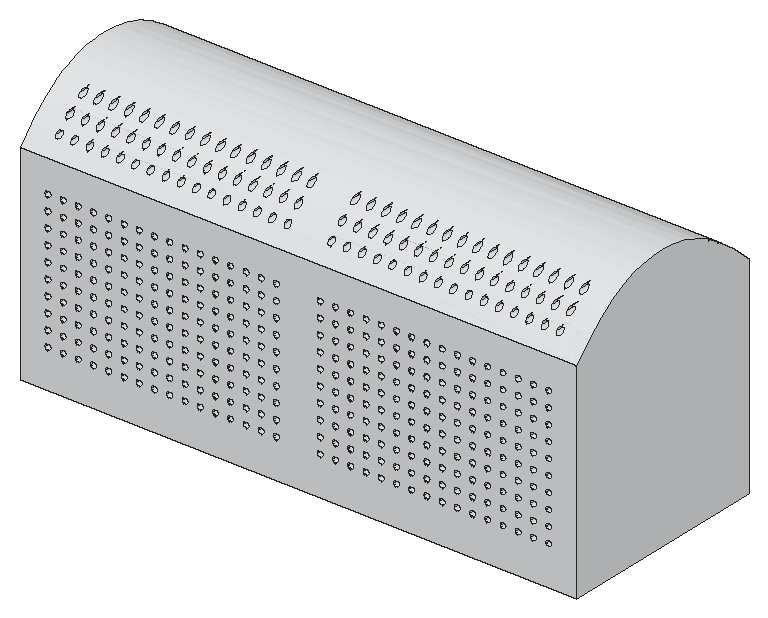
Revit family "DACN0010", category Generic Models, Revit 2017
Family settings
  Can host rebar = No
  Round Connector Dimension = Use Diameter
  Part Type = Normal
  Work Plane-Based = Yes
  Always vertical = Yes
  Cut with Voids When Loaded = No
  Shared = No
  Room Calculation Point = No
Parameters
  Website = "https://dolphy.in/"  # constant formula
  Default Elevation = 1219.2 mm
  Contact number = "+91 9520202035"  # constant formula
  Contact email = "info@dolphy.in"  # constant formula
  Company name = "Dolphy India"  # constant formula
Reference planes
  plane 1 "Center (Front/Back)": y = 0
  plane 2: z = 0
  plane 3 "Center (Left/Right)": x = 0
Forms (mm)
  Extrusion 1, solid, material "Dolphy_CHROME"
    sketch origin (-761.5, 45, 0) x (0, 1, 0) y (0, 0, 1)
      loop
        line (127.559, 0) -> (127.559, 345)
        spline (127.559, 345) -> (90.201, 379.162) -> (56.4, 403.866) -> (25.516, 420.489) -> (-3.092, 430.409) -> (-30.065, 435.002) -> (-56.042, 435.644) -> (-81.652, 433.419) -> (-107.461, 427.643) -> (-134.005, 416.971) -> (-161.824, 400.056) -> (-191.457, 375.552) -> (-223.441, 342.114)
        line (-223.441, 342.114) -> (-223.441, 0) -> (127.559, 0)
    from 304.5 to 1218.5
  Extrusion 2, void
    sketch origin (303, 0, 0) x (1, 0, 0) y (0, 0, 1)
      loop
        circle (-713.993, 289.754) r 5
    from 89.969 to 178.441
  Extrusion 3, void
    sketch origin (328, 0, 0) x (1, 0, 0) y (0, 0, 1)
      loop
        circle (-713.993, 289.754) r 5
    from 89.969 to 178.441
  Extrusion 4, void
    sketch origin (353, 0, 0) x (1, 0, 0) y (0, 0, 1)
      loop
        circle (-713.993, 289.754) r 5
    from 89.969 to 178.441
  Extrusion 5, void
    sketch origin (378, 0, 0) x (1, 0, 0) y (0, 0, 1)
      loop
        circle (-713.993, 289.754) r 5
    from 89.969 to 178.441
  Extrusion 6, void
    sketch origin (403, 0, 0) x (1, 0, 0) y (0, 0, 1)
      loop
        circle (-713.993, 289.754) r 5
    from 89.969 to 178.441
  Extrusion 7, void
    sketch origin (428, 0, 0) x (1, 0, 0) y (0, 0, 1)
      loop
        circle (-713.993, 289.754) r 5
    from 89.969 to 178.441
  Extrusion 8, void
    sketch origin (453, 0, 0) x (1, 0, 0) y (0, 0, 1)
      loop
        circle (-713.993, 289.754) r 5
    from 89.969 to 178.441
  Extrusion 9, void
    sketch origin (478, 0, 0) x (1, 0, 0) y (0, 0, 1)
      loop
        circle (-713.993, 289.754) r 5
    from 89.969 to 178.441
  Extrusion 10, void
    sketch origin (503, 0, 0) x (1, 0, 0) y (0, 0, 1)
      loop
        circle (-713.993, 289.754) r 5
    from 89.969 to 178.441
  Extrusion 11, void
    sketch origin (528, 0, 0) x (1, 0, 0) y (0, 0, 1)
      loop
        circle (-713.993, 289.754) r 5
    from 89.969 to 178.441
  Extrusion 12, void
    sketch origin (553, 0, 0) x (1, 0, 0) y (0, 0, 1)
      loop
        circle (-713.993, 289.754) r 5
    from 89.969 to 178.441
  Extrusion 13, void
    sketch origin (578, 0, 0) x (1, 0, 0) y (0, 0, 1)
      loop
        circle (-713.993, 289.754) r 5
    from 89.969 to 178.441
  Extrusion 14, void
    sketch origin (603, 0, 0) x (1, 0, 0) y (0, 0, 1)
      loop
        circle (-713.993, 289.754) r 5
    from 89.969 to 178.441
  Extrusion 15, void
    sketch origin (628, 0, 0) x (1, 0, 0) y (0, 0, 1)
      loop
        circle (-713.993, 289.754) r 5
    from 89.969 to 178.441
  Extrusion 16, void
    sketch origin (653, 0, 0) x (1, 0, 0) y (0, 0, 1)
      loop
        circle (-713.993, 289.754) r 5
    from 89.969 to 178.441
  Extrusion 17, void
    sketch origin (678, 0, 0) x (1, 0, 0) y (0, 0, 1)
      loop
        circle (-713.993, 289.754) r 5
    from 89.969 to 178.441
  Extrusion 18, void
    sketch origin (303, 0, -25) x (1, 0, 0) y (0, 0, 1)
      loop
        circle (-713.993, 289.754) r 5
    from 89.969 to 178.441
  Extrusion 19, void
    sketch origin (328, 0, -25) x (1, 0, 0) y (0, 0, 1)
      loop
        circle (-713.993, 289.754) r 5
    from 89.969 to 178.441
  Extrusion 20, void
    sketch origin (353, 0, -25) x (1, 0, 0) y (0, 0, 1)
      loop
        circle (-713.993, 289.754) r 5
    from 89.969 to 178.441
  Extrusion 21, void
    sketch origin (378, 0, -25) x (1, 0, 0) y (0, 0, 1)
      loop
        circle (-713.993, 289.754) r 5
    from 89.969 to 178.441
  Extrusion 22, void
    sketch origin (403, 0, -25) x (1, 0, 0) y (0, 0, 1)
      loop
        circle (-713.993, 289.754) r 5
    from 89.969 to 178.441
  Extrusion 23, void
    sketch origin (428, 0, -25) x (1, 0, 0) y (0, 0, 1)
      loop
        circle (-713.993, 289.754) r 5
    from 89.969 to 178.441
  Extrusion 24, void
    sketch origin (453, 0, -25) x (1, 0, 0) y (0, 0, 1)
      loop
        circle (-713.993, 289.754) r 5
    from 89.969 to 178.441
  Extrusion 25, void
    sketch origin (478, 0, -25) x (1, 0, 0) y (0, 0, 1)
      loop
        circle (-713.993, 289.754) r 5
    from 89.969 to 178.441
  Extrusion 26, void
    sketch origin (503, 0, -25) x (1, 0, 0) y (0, 0, 1)
      loop
        circle (-713.993, 289.754) r 5
    from 89.969 to 178.441
  Extrusion 27, void
    sketch origin (528, 0, -25) x (1, 0, 0) y (0, 0, 1)
      loop
        circle (-713.993, 289.754) r 5
    from 89.969 to 178.441
  Extrusion 28, void
    sketch origin (553, 0, -25) x (1, 0, 0) y (0, 0, 1)
      loop
        circle (-713.993, 289.754) r 5
    from 89.969 to 178.441
  Extrusion 29, void
    sketch origin (578, 0, -25) x (1, 0, 0) y (0, 0, 1)
      loop
        circle (-713.993, 289.754) r 5
    from 89.969 to 178.441
  Extrusion 30, void
    sketch origin (603, 0, -25) x (1, 0, 0) y (0, 0, 1)
      loop
        circle (-713.993, 289.754) r 5
    from 89.969 to 178.441
  Extrusion 31, void
    sketch origin (628, 0, -25) x (1, 0, 0) y (0, 0, 1)
      loop
        circle (-713.993, 289.754) r 5
    from 89.969 to 178.441
  Extrusion 32, void, not visible
    sketch origin (0, 0, 0) x (1, 0, 0) y (0, 0, 1)
      loop
        circle (-713.993, 289.754) r 5
    from 89.969 to 178.441
  Extrusion 33, void
    sketch origin (653, 0, -25) x (1, 0, 0) y (0, 0, 1)
      loop
        circle (-713.993, 289.754) r 5
    from 89.969 to 178.441
  Extrusion 34, void
    sketch origin (678, 0, -25) x (1, 0, 0) y (0, 0, 1)
      loop
        circle (-713.993, 289.754) r 5
    from 89.969 to 178.441
  Extrusion 35, void
    sketch origin (303, 0, -50) x (1, 0, 0) y (0, 0, 1)
      loop
        circle (-713.993, 289.754) r 5
    from 89.969 to 178.441
  Extrusion 36, void
    sketch origin (328, 0, -50) x (1, 0, 0) y (0, 0, 1)
      loop
        circle (-713.993, 289.754) r 5
    from 89.969 to 178.441
  Extrusion 37, void
    sketch origin (353, 0, -50) x (1, 0, 0) y (0, 0, 1)
      loop
        circle (-713.993, 289.754) r 5
    from 89.969 to 178.441
  Extrusion 38, void
    sketch origin (378, 0, -50) x (1, 0, 0) y (0, 0, 1)
      loop
        circle (-713.993, 289.754) r 5
    from 89.969 to 178.441
  Extrusion 39, void
    sketch origin (403, 0, -50) x (1, 0, 0) y (0, 0, 1)
      loop
        circle (-713.993, 289.754) r 5
    from 89.969 to 178.441
  Extrusion 40, void
    sketch origin (428, 0, -50) x (1, 0, 0) y (0, 0, 1)
      loop
        circle (-713.993, 289.754) r 5
    from 89.969 to 178.441
  Extrusion 41, void
    sketch origin (453, 0, -50) x (1, 0, 0) y (0, 0, 1)
      loop
        circle (-713.993, 289.754) r 5
    from 89.969 to 178.441
  Extrusion 42, void
    sketch origin (478, 0, -50) x (1, 0, 0) y (0, 0, 1)
      loop
        circle (-713.993, 289.754) r 5
    from 89.969 to 178.441
  Extrusion 43, void
    sketch origin (503, 0, -50) x (1, 0, 0) y (0, 0, 1)
      loop
        circle (-713.993, 289.754) r 5
    from 89.969 to 178.441
  Extrusion 44, void
    sketch origin (528, 0, -50) x (1, 0, 0) y (0, 0, 1)
      loop
        circle (-713.993, 289.754) r 5
    from 89.969 to 178.441
  Extrusion 45, void
    sketch origin (553, 0, -50) x (1, 0, 0) y (0, 0, 1)
      loop
        circle (-713.993, 289.754) r 5
    from 89.969 to 178.441
  Extrusion 46, void
    sketch origin (578, 0, -50) x (1, 0, 0) y (0, 0, 1)
      loop
        circle (-713.993, 289.754) r 5
    from 89.969 to 178.441
  Extrusion 47, void
    sketch origin (603, 0, -50) x (1, 0, 0) y (0, 0, 1)
      loop
        circle (-713.993, 289.754) r 5
    from 89.969 to 178.441
  Extrusion 48, void
    sketch origin (628, 0, -50) x (1, 0, 0) y (0, 0, 1)
      loop
        circle (-713.993, 289.754) r 5
    from 89.969 to 178.441
  Extrusion 49, void
    sketch origin (653, 0, -50) x (1, 0, 0) y (0, 0, 1)
      loop
        circle (-713.993, 289.754) r 5
    from 89.969 to 178.441
  Extrusion 50, void
    sketch origin (678, 0, -50) x (1, 0, 0) y (0, 0, 1)
      loop
        circle (-713.993, 289.754) r 5
    from 89.969 to 178.441
  Extrusion 51, void
    sketch origin (303, 0, -75) x (1, 0, 0) y (0, 0, 1)
      loop
        circle (-713.993, 289.754) r 5
    from 89.969 to 178.441
  Extrusion 52, void
    sketch origin (328, 0, -75) x (1, 0, 0) y (0, 0, 1)
      loop
        circle (-713.993, 289.754) r 5
    from 89.969 to 178.441
  Extrusion 53, void
    sketch origin (353, 0, -75) x (1, 0, 0) y (0, 0, 1)
      loop
        circle (-713.993, 289.754) r 5
    from 89.969 to 178.441
  Extrusion 54, void
    sketch origin (378, 0, -75) x (1, 0, 0) y (0, 0, 1)
      loop
        circle (-713.993, 289.754) r 5
    from 89.969 to 178.441
  Extrusion 55, void
    sketch origin (403, 0, -75) x (1, 0, 0) y (0, 0, 1)
      loop
        circle (-713.993, 289.754) r 5
    from 89.969 to 178.441
  Extrusion 56, void
    sketch origin (428, 0, -75) x (1, 0, 0) y (0, 0, 1)
      loop
        circle (-713.993, 289.754) r 5
    from 89.969 to 178.441
  Extrusion 57, void
    sketch origin (453, 0, -75) x (1, 0, 0) y (0, 0, 1)
      loop
        circle (-713.993, 289.754) r 5
    from 89.969 to 178.441
  Extrusion 58, void
    sketch origin (478, 0, -75) x (1, 0, 0) y (0, 0, 1)
      loop
        circle (-713.993, 289.754) r 5
    from 89.969 to 178.441
  Extrusion 59, void
    sketch origin (503, 0, -75) x (1, 0, 0) y (0, 0, 1)
      loop
        circle (-713.993, 289.754) r 5
    from 89.969 to 178.441
  Extrusion 60, void
    sketch origin (528, 0, -75) x (1, 0, 0) y (0, 0, 1)
      loop
        circle (-713.993, 289.754) r 5
    from 89.969 to 178.441
  Extrusion 61, void
    sketch origin (553, 0, -75) x (1, 0, 0) y (0, 0, 1)
      loop
        circle (-713.993, 289.754) r 5
    from 89.969 to 178.441
  Extrusion 62, void
    sketch origin (578, 0, -75) x (1, 0, 0) y (0, 0, 1)
      loop
        circle (-713.993, 289.754) r 5
    from 89.969 to 178.441
  Extrusion 63, void
    sketch origin (603, 0, -75) x (1, 0, 0) y (0, 0, 1)
      loop
        circle (-713.993, 289.754) r 5
    from 89.969 to 178.441
  Extrusion 64, void
    sketch origin (628, 0, -75) x (1, 0, 0) y (0, 0, 1)
      loop
        circle (-713.993, 289.754) r 5
    from 89.969 to 178.441
  Extrusion 65, void
    sketch origin (653, 0, -75) x (1, 0, 0) y (0, 0, 1)
      loop
        circle (-713.993, 289.754) r 5
    from 89.969 to 178.441
  Extrusion 66, void
    sketch origin (678, 0, -75) x (1, 0, 0) y (0, 0, 1)
      loop
        circle (-713.993, 289.754) r 5
    from 89.969 to 178.441
  Extrusion 67, void
    sketch origin (303, 0, -100) x (1, 0, 0) y (0, 0, 1)
      loop
        circle (-713.993, 289.754) r 5
    from 89.969 to 178.441
  Extrusion 68, void
    sketch origin (328, 0, -100) x (1, 0, 0) y (0, 0, 1)
      loop
        circle (-713.993, 289.754) r 5
    from 89.969 to 178.441
  Extrusion 69, void
    sketch origin (353, 0, -100) x (1, 0, 0) y (0, 0, 1)
      loop
        circle (-713.993, 289.754) r 5
    from 89.969 to 178.441
  Extrusion 70, void
    sketch origin (378, 0, -100) x (1, 0, 0) y (0, 0, 1)
      loop
        circle (-713.993, 289.754) r 5
    from 89.969 to 178.441
  Extrusion 71, void
    sketch origin (403, 0, -100) x (1, 0, 0) y (0, 0, 1)
      loop
        circle (-713.993, 289.754) r 5
    from 89.969 to 178.441
  Extrusion 72, void
    sketch origin (428, 0, -100) x (1, 0, 0) y (0, 0, 1)
      loop
        circle (-713.993, 289.754) r 5
    from 89.969 to 178.441
  Extrusion 73, void
    sketch origin (453, 0, -100) x (1, 0, 0) y (0, 0, 1)
      loop
        circle (-713.993, 289.754) r 5
    from 89.969 to 178.441
  Extrusion 74, void
    sketch origin (478, 0, -100) x (1, 0, 0) y (0, 0, 1)
      loop
        circle (-713.993, 289.754) r 5
    from 89.969 to 178.441
  Extrusion 75, void
    sketch origin (503, 0, -100) x (1, 0, 0) y (0, 0, 1)
      loop
        circle (-713.993, 289.754) r 5
    from 89.969 to 178.441
  Extrusion 76, void
    sketch origin (528, 0, -100) x (1, 0, 0) y (0, 0, 1)
      loop
        circle (-713.993, 289.754) r 5
    from 89.969 to 178.441
  Extrusion 77, void
    sketch origin (553, 0, -100) x (1, 0, 0) y (0, 0, 1)
      loop
        circle (-713.993, 289.754) r 5
    from 89.969 to 178.441
  Extrusion 78, void
    sketch origin (578, 0, -100) x (1, 0, 0) y (0, 0, 1)
      loop
        circle (-713.993, 289.754) r 5
    from 89.969 to 178.441
  Extrusion 79, void
    sketch origin (603, 0, -100) x (1, 0, 0) y (0, 0, 1)
      loop
        circle (-713.993, 289.754) r 5
    from 89.969 to 178.441
  Extrusion 80, void
    sketch origin (628, 0, -100) x (1, 0, 0) y (0, 0, 1)
      loop
        circle (-713.993, 289.754) r 5
    from 89.969 to 178.441
  Extrusion 81, void
    sketch origin (653, 0, -100) x (1, 0, 0) y (0, 0, 1)
      loop
        circle (-713.993, 289.754) r 5
    from 89.969 to 178.441
  Extrusion 82, void
    sketch origin (678, 0, -100) x (1, 0, 0) y (0, 0, 1)
      loop
        circle (-713.993, 289.754) r 5
    from 89.969 to 178.441
  Extrusion 83, void
    sketch origin (303, 0, -125) x (1, 0, 0) y (0, 0, 1)
      loop
        circle (-713.993, 289.754) r 5
    from 89.969 to 178.441
  Extrusion 84, void
    sketch origin (328, 0, -125) x (1, 0, 0) y (0, 0, 1)
      loop
        circle (-713.993, 289.754) r 5
    from 89.969 to 178.441
  Extrusion 85, void
    sketch origin (353, 0, -125) x (1, 0, 0) y (0, 0, 1)
      loop
        circle (-713.993, 289.754) r 5
    from 89.969 to 178.441
  Extrusion 86, void
    sketch origin (378, 0, -125) x (1, 0, 0) y (0, 0, 1)
      loop
        circle (-713.993, 289.754) r 5
    from 89.969 to 178.441
  Extrusion 87, void
    sketch origin (403, 0, -125) x (1, 0, 0) y (0, 0, 1)
      loop
        circle (-713.993, 289.754) r 5
    from 89.969 to 178.441
  Extrusion 88, void
    sketch origin (428, 0, -125) x (1, 0, 0) y (0, 0, 1)
      loop
        circle (-713.993, 289.754) r 5
    from 89.969 to 178.441
  Extrusion 89, void
    sketch origin (453, 0, -125) x (1, 0, 0) y (0, 0, 1)
      loop
        circle (-713.993, 289.754) r 5
    from 89.969 to 178.441
  Extrusion 90, void
    sketch origin (478, 0, -125) x (1, 0, 0) y (0, 0, 1)
      loop
        circle (-713.993, 289.754) r 5
    from 89.969 to 178.441
  Extrusion 91, void
    sketch origin (503, 0, -125) x (1, 0, 0) y (0, 0, 1)
      loop
        circle (-713.993, 289.754) r 5
    from 89.969 to 178.441
  Extrusion 92, void
    sketch origin (528, 0, -125) x (1, 0, 0) y (0, 0, 1)
      loop
        circle (-713.993, 289.754) r 5
    from 89.969 to 178.441
  Extrusion 93, void
    sketch origin (553, 0, -125) x (1, 0, 0) y (0, 0, 1)
      loop
        circle (-713.993, 289.754) r 5
    from 89.969 to 178.441
  Extrusion 94, void
    sketch origin (578, 0, -125) x (1, 0, 0) y (0, 0, 1)
      loop
        circle (-713.993, 289.754) r 5
    from 89.969 to 178.441
  Extrusion 95, void
    sketch origin (603, 0, -125) x (1, 0, 0) y (0, 0, 1)
      loop
        circle (-713.993, 289.754) r 5
    from 89.969 to 178.441
  Extrusion 96, void
    sketch origin (628, 0, -125) x (1, 0, 0) y (0, 0, 1)
      loop
        circle (-713.993, 289.754) r 5
    from 89.969 to 178.441
  Extrusion 97, void
    sketch origin (653, 0, -125) x (1, 0, 0) y (0, 0, 1)
      loop
        circle (-713.993, 289.754) r 5
    from 89.969 to 178.441
  Extrusion 98, void
    sketch origin (678, 0, -125) x (1, 0, 0) y (0, 0, 1)
      loop
        circle (-713.993, 289.754) r 5
    from 89.969 to 178.441
  Extrusion 99, void
    sketch origin (303, 0, -150) x (1, 0, 0) y (0, 0, 1)
      loop
        circle (-713.993, 289.754) r 5
    from 89.969 to 178.441
  Extrusion 100, void
    sketch origin (328, 0, -150) x (1, 0, 0) y (0, 0, 1)
      loop
        circle (-713.993, 289.754) r 5
    from 89.969 to 178.441
  Extrusion 101, void
    sketch origin (353, 0, -150) x (1, 0, 0) y (0, 0, 1)
      loop
        circle (-713.993, 289.754) r 5
    from 89.969 to 178.441
  Extrusion 102, void
    sketch origin (378, 0, -150) x (1, 0, 0) y (0, 0, 1)
      loop
        circle (-713.993, 289.754) r 5
    from 89.969 to 178.441
  Extrusion 103, void
    sketch origin (403, 0, -150) x (1, 0, 0) y (0, 0, 1)
      loop
        circle (-713.993, 289.754) r 5
    from 89.969 to 178.441
  Extrusion 104, void
    sketch origin (428, 0, -150) x (1, 0, 0) y (0, 0, 1)
      loop
        circle (-713.993, 289.754) r 5
    from 89.969 to 178.441
  Extrusion 105, void
    sketch origin (453, 0, -150) x (1, 0, 0) y (0, 0, 1)
      loop
        circle (-713.993, 289.754) r 5
    from 89.969 to 178.441
  Extrusion 106, void
    sketch origin (478, 0, -150) x (1, 0, 0) y (0, 0, 1)
      loop
        circle (-713.993, 289.754) r 5
    from 89.969 to 178.441
  Extrusion 107, void
    sketch origin (503, 0, -150) x (1, 0, 0) y (0, 0, 1)
      loop
        circle (-713.993, 289.754) r 5
    from 89.969 to 178.441
  Extrusion 108, void
    sketch origin (528, 0, -150) x (1, 0, 0) y (0, 0, 1)
      loop
        circle (-713.993, 289.754) r 5
    from 89.969 to 178.441
  Extrusion 109, void
    sketch origin (553, 0, -150) x (1, 0, 0) y (0, 0, 1)
      loop
        circle (-713.993, 289.754) r 5
    from 89.969 to 178.441
  Extrusion 110, void
    sketch origin (578, 0, -150) x (1, 0, 0) y (0, 0, 1)
      loop
        circle (-713.993, 289.754) r 5
    from 89.969 to 178.441
  Extrusion 111, void
    sketch origin (603, 0, -150) x (1, 0, 0) y (0, 0, 1)
      loop
        circle (-713.993, 289.754) r 5
    from 89.969 to 178.441
  Extrusion 112, void
    sketch origin (628, 0, -150) x (1, 0, 0) y (0, 0, 1)
      loop
        circle (-713.993, 289.754) r 5
    from 89.969 to 178.441
  Extrusion 113, void
    sketch origin (653, 0, -150) x (1, 0, 0) y (0, 0, 1)
      loop
        circle (-713.993, 289.754) r 5
    from 89.969 to 178.441
  Extrusion 114, void
    sketch origin (678, 0, -150) x (1, 0, 0) y (0, 0, 1)
      loop
        circle (-713.993, 289.754) r 5
    from 89.969 to 178.441
  Extrusion 115, void
    sketch origin (303, 0, -175) x (1, 0, 0) y (0, 0, 1)
      loop
        circle (-713.993, 289.754) r 5
    from 89.969 to 178.441
  Extrusion 116, void
    sketch origin (328, 0, -175) x (1, 0, 0) y (0, 0, 1)
      loop
        circle (-713.993, 289.754) r 5
    from 89.969 to 178.441
  Extrusion 117, void
    sketch origin (353, 0, -175) x (1, 0, 0) y (0, 0, 1)
      loop
        circle (-713.993, 289.754) r 5
    from 89.969 to 178.441
  Extrusion 118, void
    sketch origin (378, 0, -175) x (1, 0, 0) y (0, 0, 1)
      loop
        circle (-713.993, 289.754) r 5
    from 89.969 to 178.441
  Extrusion 119, void
    sketch origin (403, 0, -175) x (1, 0, 0) y (0, 0, 1)
      loop
        circle (-713.993, 289.754) r 5
    from 89.969 to 178.441
  Extrusion 120, void
    sketch origin (428, 0, -175) x (1, 0, 0) y (0, 0, 1)
      loop
        circle (-713.993, 289.754) r 5
    from 89.969 to 178.441
  Extrusion 121, void
    sketch origin (453, 0, -175) x (1, 0, 0) y (0, 0, 1)
      loop
        circle (-713.993, 289.754) r 5
    from 89.969 to 178.441
  Extrusion 122, void
    sketch origin (478, 0, -175) x (1, 0, 0) y (0, 0, 1)
      loop
        circle (-713.993, 289.754) r 5
    from 89.969 to 178.441
  Extrusion 123, void
    sketch origin (503, 0, -175) x (1, 0, 0) y (0, 0, 1)
      loop
        circle (-713.993, 289.754) r 5
    from 89.969 to 178.441
  Extrusion 124, void
    sketch origin (528, 0, -175) x (1, 0, 0) y (0, 0, 1)
      loop
        circle (-713.993, 289.754) r 5
    from 89.969 to 178.441
  Extrusion 125, void
    sketch origin (553, 0, -175) x (1, 0, 0) y (0, 0, 1)
      loop
        circle (-713.993, 289.754) r 5
    from 89.969 to 178.441
  Extrusion 126, void
    sketch origin (578, 0, -175) x (1, 0, 0) y (0, 0, 1)
      loop
        circle (-713.993, 289.754) r 5
    from 89.969 to 178.441
  Extrusion 127, void
    sketch origin (603, 0, -175) x (1, 0, 0) y (0, 0, 1)
      loop
        circle (-713.993, 289.754) r 5
    from 89.969 to 178.441
  Extrusion 128, void
    sketch origin (628, 0, -175) x (1, 0, 0) y (0, 0, 1)
      loop
        circle (-713.993, 289.754) r 5
    from 89.969 to 178.441
  Extrusion 129, void
    sketch origin (653, 0, -175) x (1, 0, 0) y (0, 0, 1)
      loop
        circle (-713.993, 289.754) r 5
    from 89.969 to 178.441
  Extrusion 130, void
    sketch origin (678, 0, -175) x (1, 0, 0) y (0, 0, 1)
      loop
        circle (-713.993, 289.754) r 5
    from 89.969 to 178.441
  Extrusion 131, void
    sketch origin (303, 0, -200) x (1, 0, 0) y (0, 0, 1)
      loop
        circle (-713.993, 289.754) r 5
    from 89.969 to 178.441
  Extrusion 132, void
    sketch origin (328, 0, -200) x (1, 0, 0) y (0, 0, 1)
      loop
        circle (-713.993, 289.754) r 5
    from 89.969 to 178.441
  Extrusion 133, void
    sketch origin (353, 0, -200) x (1, 0, 0) y (0, 0, 1)
      loop
        circle (-713.993, 289.754) r 5
    from 89.969 to 178.441
  Extrusion 134, void
    sketch origin (378, 0, -200) x (1, 0, 0) y (0, 0, 1)
      loop
        circle (-713.993, 289.754) r 5
    from 89.969 to 178.441
  Extrusion 135, void
    sketch origin (403, 0, -200) x (1, 0, 0) y (0, 0, 1)
      loop
        circle (-713.993, 289.754) r 5
    from 89.969 to 178.441
  Extrusion 136, void
    sketch origin (428, 0, -200) x (1, 0, 0) y (0, 0, 1)
      loop
        circle (-713.993, 289.754) r 5
    from 89.969 to 178.441
  Extrusion 137, void
    sketch origin (453, 0, -200) x (1, 0, 0) y (0, 0, 1)
      loop
        circle (-713.993, 289.754) r 5
    from 89.969 to 178.441
  Extrusion 138, void
    sketch origin (478, 0, -200) x (1, 0, 0) y (0, 0, 1)
      loop
        circle (-713.993, 289.754) r 5
    from 89.969 to 178.441
  Extrusion 139, void
    sketch origin (503, 0, -200) x (1, 0, 0) y (0, 0, 1)
      loop
        circle (-713.993, 289.754) r 5
    from 89.969 to 178.441
  Extrusion 140, void
    sketch origin (528, 0, -200) x (1, 0, 0) y (0, 0, 1)
      loop
        circle (-713.993, 289.754) r 5
    from 89.969 to 178.441
  Extrusion 141, void
    sketch origin (553, 0, -200) x (1, 0, 0) y (0, 0, 1)
      loop
        circle (-713.993, 289.754) r 5
    from 89.969 to 178.441
  Extrusion 142, void
    sketch origin (578, 0, -200) x (1, 0, 0) y (0, 0, 1)
      loop
        circle (-713.993, 289.754) r 5
    from 89.969 to 178.441
  Extrusion 143, void
    sketch origin (603, 0, -200) x (1, 0, 0) y (0, 0, 1)
      loop
        circle (-713.993, 289.754) r 5
    from 89.969 to 178.441
  Extrusion 144, void
    sketch origin (628, 0, -200) x (1, 0, 0) y (0, 0, 1)
      loop
        circle (-713.993, 289.754) r 5
    from 89.969 to 178.441
  Extrusion 145, void
    sketch origin (653, 0, -200) x (1, 0, 0) y (0, 0, 1)
      loop
        circle (-713.993, 289.754) r 5
    from 89.969 to 178.441
  Extrusion 146, void
    sketch origin (678, 0, -200) x (1, 0, 0) y (0, 0, 1)
      loop
        circle (-713.993, 289.754) r 5
    from 89.969 to 178.441
  Extrusion 147, void
    sketch origin (303, 0, -225) x (1, 0, 0) y (0, 0, 1)
      loop
        circle (-713.993, 289.754) r 5
    from 89.969 to 178.441
  Extrusion 148, void
    sketch origin (328, 0, -225) x (1, 0, 0) y (0, 0, 1)
      loop
        circle (-713.993, 289.754) r 5
    from 89.969 to 178.441
  Extrusion 149, void
    sketch origin (353, 0, -225) x (1, 0, 0) y (0, 0, 1)
      loop
        circle (-713.993, 289.754) r 5
    from 89.969 to 178.441
  Extrusion 150, void
    sketch origin (378, 0, -225) x (1, 0, 0) y (0, 0, 1)
      loop
        circle (-713.993, 289.754) r 5
    from 89.969 to 178.441
  Extrusion 151, void
    sketch origin (403, 0, -225) x (1, 0, 0) y (0, 0, 1)
      loop
        circle (-713.993, 289.754) r 5
    from 89.969 to 178.441
  Extrusion 152, void
    sketch origin (428, 0, -225) x (1, 0, 0) y (0, 0, 1)
      loop
        circle (-713.993, 289.754) r 5
    from 89.969 to 178.441
  Extrusion 153, void
    sketch origin (453, 0, -225) x (1, 0, 0) y (0, 0, 1)
      loop
        circle (-713.993, 289.754) r 5
    from 89.969 to 178.441
  Extrusion 154, void
    sketch origin (478, 0, -225) x (1, 0, 0) y (0, 0, 1)
      loop
        circle (-713.993, 289.754) r 5
    from 89.969 to 178.441
  Extrusion 155, void
    sketch origin (503, 0, -225) x (1, 0, 0) y (0, 0, 1)
      loop
        circle (-713.993, 289.754) r 5
    from 89.969 to 178.441
  Extrusion 156, void
    sketch origin (528, 0, -225) x (1, 0, 0) y (0, 0, 1)
      loop
        circle (-713.993, 289.754) r 5
    from 89.969 to 178.441
  Extrusion 157, void
    sketch origin (553, 0, -225) x (1, 0, 0) y (0, 0, 1)
      loop
        circle (-713.993, 289.754) r 5
    from 89.969 to 178.441
  Extrusion 158, void
    sketch origin (578, 0, -225) x (1, 0, 0) y (0, 0, 1)
      loop
        circle (-713.993, 289.754) r 5
    from 89.969 to 178.441
  Extrusion 159, void
    sketch origin (603, 0, -225) x (1, 0, 0) y (0, 0, 1)
      loop
        circle (-713.993, 289.754) r 5
    from 89.969 to 178.441
  Extrusion 160, void
    sketch origin (628, 0, -225) x (1, 0, 0) y (0, 0, 1)
      loop
        circle (-713.993, 289.754) r 5
    from 89.969 to 178.441
  Extrusion 161, void
    sketch origin (653, 0, -225) x (1, 0, 0) y (0, 0, 1)
      loop
        circle (-713.993, 289.754) r 5
    from 89.969 to 178.441
  Extrusion 162, void
    sketch origin (678, 0, -225) x (1, 0, 0) y (0, 0, 1)
      loop
        circle (-713.993, 289.754) r 5
    from 89.969 to 178.441
  Extrusion 163, void
    sketch origin (750, 0, 0) x (1, 0, 0) y (0, 0, 1)
      loop
        circle (-713.993, 289.754) r 5
    from 89.969 to 178.441
  Extrusion 164, void
    sketch origin (775, 0, 0) x (1, 0, 0) y (0, 0, 1)
      loop
        circle (-713.993, 289.754) r 5
    from 89.969 to 178.441
  Extrusion 165, void
    sketch origin (800, 0, 0) x (1, 0, 0) y (0, 0, 1)
      loop
        circle (-713.993, 289.754) r 5
    from 89.969 to 178.441
  Extrusion 166, void
    sketch origin (825, 0, 0) x (1, 0, 0) y (0, 0, 1)
      loop
        circle (-713.993, 289.754) r 5
    from 89.969 to 178.441
  Extrusion 167, void
    sketch origin (850, 0, 0) x (1, 0, 0) y (0, 0, 1)
      loop
        circle (-713.993, 289.754) r 5
    from 89.969 to 178.441
  Extrusion 168, void
    sketch origin (875, 0, 0) x (1, 0, 0) y (0, 0, 1)
      loop
        circle (-713.993, 289.754) r 5
    from 89.969 to 178.441
  Extrusion 169, void
    sketch origin (900, 0, 0) x (1, 0, 0) y (0, 0, 1)
      loop
        circle (-713.993, 289.754) r 5
    from 89.969 to 178.441
  Extrusion 170, void
    sketch origin (925, 0, 0) x (1, 0, 0) y (0, 0, 1)
      loop
        circle (-713.993, 289.754) r 5
    from 89.969 to 178.441
  Extrusion 171, void
    sketch origin (950, 0, 0) x (1, 0, 0) y (0, 0, 1)
      loop
        circle (-713.993, 289.754) r 5
    from 89.969 to 178.441
  Extrusion 172, void
    sketch origin (975, 0, 0) x (1, 0, 0) y (0, 0, 1)
      loop
        circle (-713.993, 289.754) r 5
    from 89.969 to 178.441
  Extrusion 173, void
    sketch origin (1000, 0, 0) x (1, 0, 0) y (0, 0, 1)
      loop
        circle (-713.993, 289.754) r 5
    from 89.969 to 178.441
  Extrusion 174, void
    sketch origin (1025, 0, 0) x (1, 0, 0) y (0, 0, 1)
      loop
        circle (-713.993, 289.754) r 5
    from 89.969 to 178.441
  Extrusion 175, void
    sketch origin (1050, 0, 0) x (1, 0, 0) y (0, 0, 1)
      loop
        circle (-713.993, 289.754) r 5
    from 89.969 to 178.441
  Extrusion 176, void
    sketch origin (1075, 0, 0) x (1, 0, 0) y (0, 0, 1)
      loop
        circle (-713.993, 289.754) r 5
    from 89.969 to 178.441
  Extrusion 177, void
    sketch origin (1100, 0, 0) x (1, 0, 0) y (0, 0, 1)
      loop
        circle (-713.993, 289.754) r 5
    from 89.969 to 178.441
  Extrusion 178, void
    sketch origin (1125, 0, 0) x (1, 0, 0) y (0, 0, 1)
      loop
        circle (-713.993, 289.754) r 5
    from 89.969 to 178.441
  Extrusion 179, void
    sketch origin (750, 0, -25) x (1, 0, 0) y (0, 0, 1)
      loop
        circle (-713.993, 289.754) r 5
    from 89.969 to 178.441
  Extrusion 180, void
    sketch origin (750, 0, -50) x (1, 0, 0) y (0, 0, 1)
      loop
        circle (-713.993, 289.754) r 5
    from 89.969 to 178.441
  Extrusion 181, void
    sketch origin (750, 0, -75) x (1, 0, 0) y (0, 0, 1)
      loop
        circle (-713.993, 289.754) r 5
    from 89.969 to 178.441
  Extrusion 182, void
    sketch origin (750, 0, -100) x (1, 0, 0) y (0, 0, 1)
      loop
        circle (-713.993, 289.754) r 5
    from 89.969 to 178.441
  Extrusion 183, void
    sketch origin (750, 0, -125) x (1, 0, 0) y (0, 0, 1)
      loop
        circle (-713.993, 289.754) r 5
    from 89.969 to 178.441
  Extrusion 184, void
    sketch origin (750, 0, -150) x (1, 0, 0) y (0, 0, 1)
      loop
        circle (-713.993, 289.754) r 5
    from 89.969 to 178.441
  Extrusion 185, void
    sketch origin (750, 0, -175) x (1, 0, 0) y (0, 0, 1)
      loop
        circle (-713.993, 289.754) r 5
    from 89.969 to 178.441
  Extrusion 186, void
    sketch origin (750, 0, -200) x (1, 0, 0) y (0, 0, 1)
      loop
        circle (-713.993, 289.754) r 5
    from 89.969 to 178.441
  Extrusion 187, void
    sketch origin (750, 0, -225) x (1, 0, 0) y (0, 0, 1)
      loop
        circle (-713.993, 289.754) r 5
    from 89.969 to 178.441
  Extrusion 188, void
    sketch origin (775, 0, -25) x (1, 0, 0) y (0, 0, 1)
      loop
        circle (-713.993, 289.754) r 5
    from 89.969 to 178.441
  Extrusion 189, void
    sketch origin (800, 0, -25) x (1, 0, 0) y (0, 0, 1)
      loop
        circle (-713.993, 289.754) r 5
    from 89.969 to 178.441
  Extrusion 190, void
    sketch origin (825, 0, -25) x (1, 0, 0) y (0, 0, 1)
      loop
        circle (-713.993, 289.754) r 5
    from 89.969 to 178.441
  Extrusion 191, void
    sketch origin (850, 0, -25) x (1, 0, 0) y (0, 0, 1)
      loop
        circle (-713.993, 289.754) r 5
    from 89.969 to 178.441
  Extrusion 192, void
    sketch origin (875, 0, -25) x (1, 0, 0) y (0, 0, 1)
      loop
        circle (-713.993, 289.754) r 5
    from 89.969 to 178.441
  Extrusion 193, void
    sketch origin (900, 0, -25) x (1, 0, 0) y (0, 0, 1)
      loop
        circle (-713.993, 289.754) r 5
    from 89.969 to 178.441
  Extrusion 194, void
    sketch origin (925, 0, -25) x (1, 0, 0) y (0, 0, 1)
      loop
        circle (-713.993, 289.754) r 5
    from 89.969 to 178.441
  Extrusion 195, void
    sketch origin (950, 0, -25) x (1, 0, 0) y (0, 0, 1)
      loop
        circle (-713.993, 289.754) r 5
    from 89.969 to 178.441
  Extrusion 196, void
    sketch origin (975, 0, -25) x (1, 0, 0) y (0, 0, 1)
      loop
        circle (-713.993, 289.754) r 5
    from 89.969 to 178.441
  Extrusion 197, void
    sketch origin (1000, 0, -25) x (1, 0, 0) y (0, 0, 1)
      loop
        circle (-713.993, 289.754) r 5
    from 89.969 to 178.441
  Extrusion 198, void
    sketch origin (1025, 0, -25) x (1, 0, 0) y (0, 0, 1)
      loop
        circle (-713.993, 289.754) r 5
    from 89.969 to 178.441
  Extrusion 199, void
    sketch origin (1050, 0, -25) x (1, 0, 0) y (0, 0, 1)
      loop
        circle (-713.993, 289.754) r 5
    from 89.969 to 178.441
  Extrusion 200, void
    sketch origin (1075, 0, -25) x (1, 0, 0) y (0, 0, 1)
      loop
        circle (-713.993, 289.754) r 5
    from 89.969 to 178.441
  Extrusion 201, void
    sketch origin (1100, 0, -25) x (1, 0, 0) y (0, 0, 1)
      loop
        circle (-713.993, 289.754) r 5
    from 89.969 to 178.441
  Extrusion 202, void
    sketch origin (1125, 0, -25) x (1, 0, 0) y (0, 0, 1)
      loop
        circle (-713.993, 289.754) r 5
    from 89.969 to 178.441
  Extrusion 203, void
    sketch origin (775, 0, -50) x (1, 0, 0) y (0, 0, 1)
      loop
        circle (-713.993, 289.754) r 5
    from 89.969 to 178.441
  Extrusion 204, void
    sketch origin (800, 0, -50) x (1, 0, 0) y (0, 0, 1)
      loop
        circle (-713.993, 289.754) r 5
    from 89.969 to 178.441
  Extrusion 205, void
    sketch origin (825, 0, -50) x (1, 0, 0) y (0, 0, 1)
      loop
        circle (-713.993, 289.754) r 5
    from 89.969 to 178.441
  Extrusion 206, void
    sketch origin (850, 0, -50) x (1, 0, 0) y (0, 0, 1)
      loop
        circle (-713.993, 289.754) r 5
    from 89.969 to 178.441
  Extrusion 207, void
    sketch origin (875, 0, -50) x (1, 0, 0) y (0, 0, 1)
      loop
        circle (-713.993, 289.754) r 5
    from 89.969 to 178.441
  Extrusion 208, void
    sketch origin (900, 0, -50) x (1, 0, 0) y (0, 0, 1)
      loop
        circle (-713.993, 289.754) r 5
    from 89.969 to 178.441
  Extrusion 209, void
    sketch origin (925, 0, -50) x (1, 0, 0) y (0, 0, 1)
      loop
        circle (-713.993, 289.754) r 5
    from 89.969 to 178.441
  Extrusion 210, void
    sketch origin (950, 0, -50) x (1, 0, 0) y (0, 0, 1)
      loop
        circle (-713.993, 289.754) r 5
    from 89.969 to 178.441
  Extrusion 211, void
    sketch origin (975, 0, -50) x (1, 0, 0) y (0, 0, 1)
      loop
        circle (-713.993, 289.754) r 5
    from 89.969 to 178.441
  Extrusion 212, void
    sketch origin (1000, 0, -50) x (1, 0, 0) y (0, 0, 1)
      loop
        circle (-713.993, 289.754) r 5
    from 89.969 to 178.441
  Extrusion 213, void
    sketch origin (1025, 0, -50) x (1, 0, 0) y (0, 0, 1)
      loop
        circle (-713.993, 289.754) r 5
    from 89.969 to 178.441
  Extrusion 214, void
    sketch origin (1050, 0, -50) x (1, 0, 0) y (0, 0, 1)
      loop
        circle (-713.993, 289.754) r 5
    from 89.969 to 178.441
  Extrusion 215, void
    sketch origin (1075, 0, -50) x (1, 0, 0) y (0, 0, 1)
      loop
        circle (-713.993, 289.754) r 5
    from 89.969 to 178.441
  Extrusion 216, void
    sketch origin (1100, 0, -50) x (1, 0, 0) y (0, 0, 1)
      loop
        circle (-713.993, 289.754) r 5
    from 89.969 to 178.441
  Extrusion 217, void
    sketch origin (1125, 0, -50) x (1, 0, 0) y (0, 0, 1)
      loop
        circle (-713.993, 289.754) r 5
    from 89.969 to 178.441
  Extrusion 218, void
    sketch origin (775, 0, -75) x (1, 0, 0) y (0, 0, 1)
      loop
        circle (-713.993, 289.754) r 5
    from 89.969 to 178.441
  Extrusion 219, void
    sketch origin (800, 0, -75) x (1, 0, 0) y (0, 0, 1)
      loop
        circle (-713.993, 289.754) r 5
    from 89.969 to 178.441
  Extrusion 220, void
    sketch origin (825, 0, -75) x (1, 0, 0) y (0, 0, 1)
      loop
        circle (-713.993, 289.754) r 5
    from 89.969 to 178.441
  Extrusion 221, void
    sketch origin (850, 0, -75) x (1, 0, 0) y (0, 0, 1)
      loop
        circle (-713.993, 289.754) r 5
    from 89.969 to 178.441
  Extrusion 222, void
    sketch origin (875, 0, -75) x (1, 0, 0) y (0, 0, 1)
      loop
        circle (-713.993, 289.754) r 5
    from 89.969 to 178.441
  Extrusion 223, void
    sketch origin (900, 0, -75) x (1, 0, 0) y (0, 0, 1)
      loop
        circle (-713.993, 289.754) r 5
    from 89.969 to 178.441
  Extrusion 224, void
    sketch origin (925, 0, -75) x (1, 0, 0) y (0, 0, 1)
      loop
        circle (-713.993, 289.754) r 5
    from 89.969 to 178.441
  Extrusion 225, void
    sketch origin (950, 0, -75) x (1, 0, 0) y (0, 0, 1)
      loop
        circle (-713.993, 289.754) r 5
    from 89.969 to 178.441
  Extrusion 226, void
    sketch origin (975, 0, -75) x (1, 0, 0) y (0, 0, 1)
      loop
        circle (-713.993, 289.754) r 5
    from 89.969 to 178.441
  Extrusion 227, void
    sketch origin (1000, 0, -75) x (1, 0, 0) y (0, 0, 1)
      loop
        circle (-713.993, 289.754) r 5
    from 89.969 to 178.441
  Extrusion 228, void
    sketch origin (1025, 0, -75) x (1, 0, 0) y (0, 0, 1)
      loop
        circle (-713.993, 289.754) r 5
    from 89.969 to 178.441
  Extrusion 229, void
    sketch origin (1050, 0, -75) x (1, 0, 0) y (0, 0, 1)
      loop
        circle (-713.993, 289.754) r 5
    from 89.969 to 178.441
  Extrusion 230, void
    sketch origin (1075, 0, -75) x (1, 0, 0) y (0, 0, 1)
      loop
        circle (-713.993, 289.754) r 5
    from 89.969 to 178.441
  Extrusion 231, void
    sketch origin (1100, 0, -75) x (1, 0, 0) y (0, 0, 1)
      loop
        circle (-713.993, 289.754) r 5
    from 89.969 to 178.441
  Extrusion 232, void
    sketch origin (1125, 0, -75) x (1, 0, 0) y (0, 0, 1)
      loop
        circle (-713.993, 289.754) r 5
    from 89.969 to 178.441
  Extrusion 233, void
    sketch origin (775, 0, -100) x (1, 0, 0) y (0, 0, 1)
      loop
        circle (-713.993, 289.754) r 5
    from 89.969 to 178.441
  Extrusion 234, void
    sketch origin (800, 0, -100) x (1, 0, 0) y (0, 0, 1)
      loop
        circle (-713.993, 289.754) r 5
    from 89.969 to 178.441
  Extrusion 235, void
    sketch origin (825, 0, -100) x (1, 0, 0) y (0, 0, 1)
      loop
        circle (-713.993, 289.754) r 5
    from 89.969 to 178.441
  Extrusion 236, void
    sketch origin (850, 0, -100) x (1, 0, 0) y (0, 0, 1)
      loop
        circle (-713.993, 289.754) r 5
    from 89.969 to 178.441
  Extrusion 237, void
    sketch origin (875, 0, -100) x (1, 0, 0) y (0, 0, 1)
      loop
        circle (-713.993, 289.754) r 5
    from 89.969 to 178.441
  Extrusion 238, void
    sketch origin (900, 0, -100) x (1, 0, 0) y (0, 0, 1)
      loop
        circle (-713.993, 289.754) r 5
    from 89.969 to 178.441
  Extrusion 239, void
    sketch origin (925, 0, -100) x (1, 0, 0) y (0, 0, 1)
      loop
        circle (-713.993, 289.754) r 5
    from 89.969 to 178.441
  Extrusion 240, void
    sketch origin (950, 0, -100) x (1, 0, 0) y (0, 0, 1)
      loop
        circle (-713.993, 289.754) r 5
    from 89.969 to 178.441
  Extrusion 241, void
    sketch origin (975, 0, -100) x (1, 0, 0) y (0, 0, 1)
      loop
        circle (-713.993, 289.754) r 5
    from 89.969 to 178.441
  Extrusion 242, void
    sketch origin (1000, 0, -100) x (1, 0, 0) y (0, 0, 1)
      loop
        circle (-713.993, 289.754) r 5
    from 89.969 to 178.441
  Extrusion 243, void
    sketch origin (1025, 0, -100) x (1, 0, 0) y (0, 0, 1)
      loop
        circle (-713.993, 289.754) r 5
    from 89.969 to 178.441
  Extrusion 244, void
    sketch origin (1050, 0, -100) x (1, 0, 0) y (0, 0, 1)
      loop
        circle (-713.993, 289.754) r 5
    from 89.969 to 178.441
  Extrusion 245, void
    sketch origin (1075, 0, -100) x (1, 0, 0) y (0, 0, 1)
      loop
        circle (-713.993, 289.754) r 5
    from 89.969 to 178.441
  Extrusion 246, void
    sketch origin (1100, 0, -100) x (1, 0, 0) y (0, 0, 1)
      loop
        circle (-713.993, 289.754) r 5
    from 89.969 to 178.441
  Extrusion 247, void
    sketch origin (1125, 0, -100) x (1, 0, 0) y (0, 0, 1)
      loop
        circle (-713.993, 289.754) r 5
    from 89.969 to 178.441
  Extrusion 248, void
    sketch origin (775, 0, -125) x (1, 0, 0) y (0, 0, 1)
      loop
        circle (-713.993, 289.754) r 5
    from 89.969 to 178.441
  Extrusion 249, void
    sketch origin (800, 0, -125) x (1, 0, 0) y (0, 0, 1)
      loop
        circle (-713.993, 289.754) r 5
    from 89.969 to 178.441
  Extrusion 250, void
    sketch origin (825, 0, -125) x (1, 0, 0) y (0, 0, 1)
      loop
        circle (-713.993, 289.754) r 5
    from 89.969 to 178.441
  Extrusion 251, void
    sketch origin (850, 0, -125) x (1, 0, 0) y (0, 0, 1)
      loop
        circle (-713.993, 289.754) r 5
    from 89.969 to 178.441
  Extrusion 252, void
    sketch origin (875, 0, -125) x (1, 0, 0) y (0, 0, 1)
      loop
        circle (-713.993, 289.754) r 5
    from 89.969 to 178.441
  Extrusion 253, void
    sketch origin (900, 0, -125) x (1, 0, 0) y (0, 0, 1)
      loop
        circle (-713.993, 289.754) r 5
    from 89.969 to 178.441
  Extrusion 254, void
    sketch origin (925, 0, -125) x (1, 0, 0) y (0, 0, 1)
      loop
        circle (-713.993, 289.754) r 5
    from 89.969 to 178.441
  Extrusion 255, void
    sketch origin (950, 0, -125) x (1, 0, 0) y (0, 0, 1)
      loop
        circle (-713.993, 289.754) r 5
    from 89.969 to 178.441
  Extrusion 256, void
    sketch origin (975, 0, -125) x (1, 0, 0) y (0, 0, 1)
      loop
        circle (-713.993, 289.754) r 5
    from 89.969 to 178.441
  Extrusion 257, void
    sketch origin (1000, 0, -125) x (1, 0, 0) y (0, 0, 1)
      loop
        circle (-713.993, 289.754) r 5
    from 89.969 to 178.441
  Extrusion 258, void
    sketch origin (1025, 0, -125) x (1, 0, 0) y (0, 0, 1)
      loop
        circle (-713.993, 289.754) r 5
    from 89.969 to 178.441
  Extrusion 259, void
    sketch origin (1050, 0, -125) x (1, 0, 0) y (0, 0, 1)
      loop
        circle (-713.993, 289.754) r 5
    from 89.969 to 178.441
  Extrusion 260, void
    sketch origin (1075, 0, -125) x (1, 0, 0) y (0, 0, 1)
      loop
        circle (-713.993, 289.754) r 5
    from 89.969 to 178.441
  Extrusion 261, void
    sketch origin (1100, 0, -125) x (1, 0, 0) y (0, 0, 1)
      loop
        circle (-713.993, 289.754) r 5
    from 89.969 to 178.441
  Extrusion 262, void
    sketch origin (1125, 0, -125) x (1, 0, 0) y (0, 0, 1)
      loop
        circle (-713.993, 289.754) r 5
    from 89.969 to 178.441
  Extrusion 263, void
    sketch origin (775, 0, -150) x (1, 0, 0) y (0, 0, 1)
      loop
        circle (-713.993, 289.754) r 5
    from 89.969 to 178.441
  Extrusion 264, void
    sketch origin (800, 0, -150) x (1, 0, 0) y (0, 0, 1)
      loop
        circle (-713.993, 289.754) r 5
    from 89.969 to 178.441
  Extrusion 265, void
    sketch origin (825, 0, -150) x (1, 0, 0) y (0, 0, 1)
      loop
        circle (-713.993, 289.754) r 5
    from 89.969 to 178.441
  Extrusion 266, void
    sketch origin (850, 0, -150) x (1, 0, 0) y (0, 0, 1)
      loop
        circle (-713.993, 289.754) r 5
    from 89.969 to 178.441
  Extrusion 267, void
    sketch origin (875, 0, -150) x (1, 0, 0) y (0, 0, 1)
      loop
        circle (-713.993, 289.754) r 5
    from 89.969 to 178.441
  Extrusion 268, void
    sketch origin (900, 0, -150) x (1, 0, 0) y (0, 0, 1)
      loop
        circle (-713.993, 289.754) r 5
    from 89.969 to 178.441
  Extrusion 269, void
    sketch origin (925, 0, -150) x (1, 0, 0) y (0, 0, 1)
      loop
        circle (-713.993, 289.754) r 5
    from 89.969 to 178.441
  Extrusion 270, void
    sketch origin (950, 0, -150) x (1, 0, 0) y (0, 0, 1)
      loop
        circle (-713.993, 289.754) r 5
    from 89.969 to 178.441
  Extrusion 271, void
    sketch origin (975, 0, -150) x (1, 0, 0) y (0, 0, 1)
      loop
        circle (-713.993, 289.754) r 5
    from 89.969 to 178.441
  Extrusion 272, void
    sketch origin (1000, 0, -150) x (1, 0, 0) y (0, 0, 1)
      loop
        circle (-713.993, 289.754) r 5
    from 89.969 to 178.441
  Extrusion 273, void
    sketch origin (1025, 0, -150) x (1, 0, 0) y (0, 0, 1)
      loop
        circle (-713.993, 289.754) r 5
    from 89.969 to 178.441
  Extrusion 274, void
    sketch origin (1050, 0, -150) x (1, 0, 0) y (0, 0, 1)
      loop
        circle (-713.993, 289.754) r 5
    from 89.969 to 178.441
  Extrusion 275, void
    sketch origin (1075, 0, -150) x (1, 0, 0) y (0, 0, 1)
      loop
        circle (-713.993, 289.754) r 5
    from 89.969 to 178.441
  Extrusion 276, void
    sketch origin (1100, 0, -150) x (1, 0, 0) y (0, 0, 1)
      loop
        circle (-713.993, 289.754) r 5
    from 89.969 to 178.441
  Extrusion 277, void
    sketch origin (1125, 0, -150) x (1, 0, 0) y (0, 0, 1)
      loop
        circle (-713.993, 289.754) r 5
    from 89.969 to 178.441
  Extrusion 278, void
    sketch origin (775, 0, -175) x (1, 0, 0) y (0, 0, 1)
      loop
        circle (-713.993, 289.754) r 5
    from 89.969 to 178.441
  Extrusion 279, void
    sketch origin (800, 0, -175) x (1, 0, 0) y (0, 0, 1)
      loop
        circle (-713.993, 289.754) r 5
    from 89.969 to 178.441
  Extrusion 280, void
    sketch origin (825, 0, -175) x (1, 0, 0) y (0, 0, 1)
      loop
        circle (-713.993, 289.754) r 5
    from 89.969 to 178.441
  Extrusion 281, void
    sketch origin (850, 0, -175) x (1, 0, 0) y (0, 0, 1)
      loop
        circle (-713.993, 289.754) r 5
    from 89.969 to 178.441
  Extrusion 282, void
    sketch origin (875, 0, -175) x (1, 0, 0) y (0, 0, 1)
      loop
        circle (-713.993, 289.754) r 5
    from 89.969 to 178.441
  Extrusion 283, void
    sketch origin (900, 0, -175) x (1, 0, 0) y (0, 0, 1)
      loop
        circle (-713.993, 289.754) r 5
    from 89.969 to 178.441
  Extrusion 284, void
    sketch origin (925, 0, -175) x (1, 0, 0) y (0, 0, 1)
      loop
        circle (-713.993, 289.754) r 5
    from 89.969 to 178.441
  Extrusion 285, void
    sketch origin (950, 0, -175) x (1, 0, 0) y (0, 0, 1)
      loop
        circle (-713.993, 289.754) r 5
    from 89.969 to 178.441
  Extrusion 286, void
    sketch origin (975, 0, -175) x (1, 0, 0) y (0, 0, 1)
      loop
        circle (-713.993, 289.754) r 5
    from 89.969 to 178.441
  Extrusion 287, void
    sketch origin (1000, 0, -175) x (1, 0, 0) y (0, 0, 1)
      loop
        circle (-713.993, 289.754) r 5
    from 89.969 to 178.441
  Extrusion 288, void
    sketch origin (1025, 0, -175) x (1, 0, 0) y (0, 0, 1)
      loop
        circle (-713.993, 289.754) r 5
    from 89.969 to 178.441
  Extrusion 289, void
    sketch origin (1050, 0, -175) x (1, 0, 0) y (0, 0, 1)
      loop
        circle (-713.993, 289.754) r 5
    from 89.969 to 178.441
  Extrusion 290, void
    sketch origin (1075, 0, -175) x (1, 0, 0) y (0, 0, 1)
      loop
        circle (-713.993, 289.754) r 5
    from 89.969 to 178.441
  Extrusion 291, void
    sketch origin (1100, 0, -175) x (1, 0, 0) y (0, 0, 1)
      loop
        circle (-713.993, 289.754) r 5
    from 89.969 to 178.441
  Extrusion 292, void
    sketch origin (1125, 0, -175) x (1, 0, 0) y (0, 0, 1)
      loop
        circle (-713.993, 289.754) r 5
    from 89.969 to 178.441
  Extrusion 293, void
    sketch origin (775, 0, -200) x (1, 0, 0) y (0, 0, 1)
      loop
        circle (-713.993, 289.754) r 5
    from 89.969 to 178.441
  Extrusion 294, void
    sketch origin (800, 0, -200) x (1, 0, 0) y (0, 0, 1)
      loop
        circle (-713.993, 289.754) r 5
    from 89.969 to 178.441
  Extrusion 295, void
    sketch origin (825, 0, -200) x (1, 0, 0) y (0, 0, 1)
      loop
        circle (-713.993, 289.754) r 5
    from 89.969 to 178.441
  Extrusion 296, void
    sketch origin (850, 0, -200) x (1, 0, 0) y (0, 0, 1)
      loop
        circle (-713.993, 289.754) r 5
    from 89.969 to 178.441
  Extrusion 297, void
    sketch origin (875, 0, -200) x (1, 0, 0) y (0, 0, 1)
      loop
        circle (-713.993, 289.754) r 5
    from 89.969 to 178.441
  Extrusion 298, void
    sketch origin (900, 0, -200) x (1, 0, 0) y (0, 0, 1)
      loop
        circle (-713.993, 289.754) r 5
    from 89.969 to 178.441
  Extrusion 299, void
    sketch origin (925, 0, -200) x (1, 0, 0) y (0, 0, 1)
      loop
        circle (-713.993, 289.754) r 5
    from 89.969 to 178.441
  Extrusion 300, void
    sketch origin (950, 0, -200) x (1, 0, 0) y (0, 0, 1)
      loop
        circle (-713.993, 289.754) r 5
    from 89.969 to 178.441
  Extrusion 301, void
    sketch origin (975, 0, -200) x (1, 0, 0) y (0, 0, 1)
      loop
        circle (-713.993, 289.754) r 5
    from 89.969 to 178.441
  Extrusion 302, void
    sketch origin (1000, 0, -200) x (1, 0, 0) y (0, 0, 1)
      loop
        circle (-713.993, 289.754) r 5
    from 89.969 to 178.441
  Extrusion 303, void
    sketch origin (1025, 0, -200) x (1, 0, 0) y (0, 0, 1)
      loop
        circle (-713.993, 289.754) r 5
    from 89.969 to 178.441
  Extrusion 304, void
    sketch origin (1050, 0, -200) x (1, 0, 0) y (0, 0, 1)
      loop
        circle (-713.993, 289.754) r 5
    from 89.969 to 178.441
  Extrusion 305, void
    sketch origin (1075, 0, -200) x (1, 0, 0) y (0, 0, 1)
      loop
        circle (-713.993, 289.754) r 5
    from 89.969 to 178.441
  Extrusion 306, void
    sketch origin (1100, 0, -200) x (1, 0, 0) y (0, 0, 1)
      loop
        circle (-713.993, 289.754) r 5
    from 89.969 to 178.441
  Extrusion 307, void
    sketch origin (1125, 0, -200) x (1, 0, 0) y (0, 0, 1)
      loop
        circle (-713.993, 289.754) r 5
    from 89.969 to 178.441
  Extrusion 308, void
    sketch origin (775, 0, -225) x (1, 0, 0) y (0, 0, 1)
      loop
        circle (-713.993, 289.754) r 5
    from 89.969 to 178.441
  Extrusion 309, void
    sketch origin (800, 0, -225) x (1, 0, 0) y (0, 0, 1)
      loop
        circle (-713.993, 289.754) r 5
    from 89.969 to 178.441
  Extrusion 310, void
    sketch origin (825, 0, -225) x (1, 0, 0) y (0, 0, 1)
      loop
        circle (-713.993, 289.754) r 5
    from 89.969 to 178.441
  Extrusion 311, void
    sketch origin (850, 0, -225) x (1, 0, 0) y (0, 0, 1)
      loop
        circle (-713.993, 289.754) r 5
    from 89.969 to 178.441
  Extrusion 312, void
    sketch origin (875, 0, -225) x (1, 0, 0) y (0, 0, 1)
      loop
        circle (-713.993, 289.754) r 5
    from 89.969 to 178.441
  Extrusion 313, void
    sketch origin (900, 0, -225) x (1, 0, 0) y (0, 0, 1)
      loop
        circle (-713.993, 289.754) r 5
    from 89.969 to 178.441
  Extrusion 314, void
    sketch origin (925, 0, -225) x (1, 0, 0) y (0, 0, 1)
      loop
        circle (-713.993, 289.754) r 5
    from 89.969 to 178.441
  Extrusion 315, void
    sketch origin (950, 0, -225) x (1, 0, 0) y (0, 0, 1)
      loop
        circle (-713.993, 289.754) r 5
    from 89.969 to 178.441
  Extrusion 316, void
    sketch origin (975, 0, -225) x (1, 0, 0) y (0, 0, 1)
      loop
        circle (-713.993, 289.754) r 5
    from 89.969 to 178.441
  Extrusion 317, void
    sketch origin (1000, 0, -225) x (1, 0, 0) y (0, 0, 1)
      loop
        circle (-713.993, 289.754) r 5
    from 89.969 to 178.441
  Extrusion 318, void
    sketch origin (1025, 0, -225) x (1, 0, 0) y (0, 0, 1)
      loop
        circle (-713.993, 289.754) r 5
    from 89.969 to 178.441
  Extrusion 319, void
    sketch origin (1050, 0, -225) x (1, 0, 0) y (0, 0, 1)
      loop
        circle (-713.993, 289.754) r 5
    from 89.969 to 178.441
  Extrusion 320, void
    sketch origin (1075, 0, -225) x (1, 0, 0) y (0, 0, 1)
      loop
        circle (-713.993, 289.754) r 5
    from 89.969 to 178.441
  Extrusion 321, void
    sketch origin (1100, 0, -225) x (1, 0, 0) y (0, 0, 1)
      loop
        circle (-713.993, 289.754) r 5
    from 89.969 to 178.441
  Extrusion 322, void
    sketch origin (1125, 0, -225) x (1, 0, 0) y (0, 0, 1)
      loop
        circle (-713.993, 289.754) r 5
    from 89.969 to 178.441
  Extrusion 323, void
    sketch origin (303, 0, 117.5) x (1, 0, 0) y (0, 0, 1)
      loop
        circle (-713.993, 289.754) r 5
    from 89.969 to 178.441
  Extrusion 324, void
    sketch origin (328, 0, 117.5) x (1, 0, 0) y (0, 0, 1)
      loop
        circle (-713.993, 289.754) r 5
    from 89.969 to 178.441
  Extrusion 325, void
    sketch origin (353, 0, 117.5) x (1, 0, 0) y (0, 0, 1)
      loop
        circle (-713.993, 289.754) r 5
    from 89.969 to 178.441
  Extrusion 326, void
    sketch origin (378, 0, 117.5) x (1, 0, 0) y (0, 0, 1)
      loop
        circle (-713.993, 289.754) r 5
    from 89.969 to 178.441
  Extrusion 327, void
    sketch origin (403, 0, 117.5) x (1, 0, 0) y (0, 0, 1)
      loop
        circle (-713.993, 289.754) r 5
    from 89.969 to 178.441
  Extrusion 328, void
    sketch origin (428, 0, 117.5) x (1, 0, 0) y (0, 0, 1)
      loop
        circle (-713.993, 289.754) r 5
    from 89.969 to 178.441
  Extrusion 329, void
    sketch origin (453, 0, 117.5) x (1, 0, 0) y (0, 0, 1)
      loop
        circle (-713.993, 289.754) r 5
    from 89.969 to 178.441
  Extrusion 330, void
    sketch origin (478, 0, 117.5) x (1, 0, 0) y (0, 0, 1)
      loop
        circle (-713.993, 289.754) r 5
    from 89.969 to 178.441
  Extrusion 331, void
    sketch origin (503, 0, 117.5) x (1, 0, 0) y (0, 0, 1)
      loop
        circle (-713.993, 289.754) r 5
    from 89.969 to 178.441
  Extrusion 332, void
    sketch origin (528, 0, 117.5) x (1, 0, 0) y (0, 0, 1)
      loop
        circle (-713.993, 289.754) r 5
    from 89.969 to 178.441
  Extrusion 333, void
    sketch origin (553, 0, 117.5) x (1, 0, 0) y (0, 0, 1)
      loop
        circle (-713.993, 289.754) r 5
    from 89.969 to 178.441
  Extrusion 334, void
    sketch origin (578, 0, 117.5) x (1, 0, 0) y (0, 0, 1)
      loop
        circle (-713.993, 289.754) r 5
    from 89.969 to 178.441
  Extrusion 335, void
    sketch origin (603, 0, 117.5) x (1, 0, 0) y (0, 0, 1)
      loop
        circle (-713.993, 289.754) r 5
    from 89.969 to 178.441
  Extrusion 336, void
    sketch origin (628, 0, 117.5) x (1, 0, 0) y (0, 0, 1)
      loop
        circle (-713.993, 289.754) r 5
    from 89.969 to 178.441
  Extrusion 337, void
    sketch origin (653, 0, 117.5) x (1, 0, 0) y (0, 0, 1)
      loop
        circle (-713.993, 289.754) r 5
    from 89.969 to 178.441
  Extrusion 338, void
    sketch origin (678, 0, 117.5) x (1, 0, 0) y (0, 0, 1)
      loop
        circle (-713.993, 289.754) r 5
    from 89.969 to 178.441
  Extrusion 339, void
    sketch origin (303, 0, 97.5) x (1, 0, 0) y (0, 0, 1)
      loop
        circle (-713.993, 289.754) r 5
    from 89.969 to 178.441
  Extrusion 340, void
    sketch origin (328, 0, 97.5) x (1, 0, 0) y (0, 0, 1)
      loop
        circle (-713.993, 289.754) r 5
    from 89.969 to 178.441
  Extrusion 341, void
    sketch origin (353, 0, 97.5) x (1, 0, 0) y (0, 0, 1)
      loop
        circle (-713.993, 289.754) r 5
    from 89.969 to 178.441
  Extrusion 342, void
    sketch origin (378, 0, 97.5) x (1, 0, 0) y (0, 0, 1)
      loop
        circle (-713.993, 289.754) r 5
    from 89.969 to 178.441
  Extrusion 343, void
    sketch origin (403, 0, 97.5) x (1, 0, 0) y (0, 0, 1)
      loop
        circle (-713.993, 289.754) r 5
    from 89.969 to 178.441
  Extrusion 344, void
    sketch origin (428, 0, 97.5) x (1, 0, 0) y (0, 0, 1)
      loop
        circle (-713.993, 289.754) r 5
    from 89.969 to 178.441
  Extrusion 345, void
    sketch origin (453, 0, 97.5) x (1, 0, 0) y (0, 0, 1)
      loop
        circle (-713.993, 289.754) r 5
    from 89.969 to 178.441
  Extrusion 346, void
    sketch origin (478, 0, 97.5) x (1, 0, 0) y (0, 0, 1)
      loop
        circle (-713.993, 289.754) r 5
    from 89.969 to 178.441
  Extrusion 347, void
    sketch origin (503, 0, 97.5) x (1, 0, 0) y (0, 0, 1)
      loop
        circle (-713.993, 289.754) r 5
    from 89.969 to 178.441
  Extrusion 348, void
    sketch origin (528, 0, 97.5) x (1, 0, 0) y (0, 0, 1)
      loop
        circle (-713.993, 289.754) r 5
    from 89.969 to 178.441
  Extrusion 349, void
    sketch origin (553, 0, 97.5) x (1, 0, 0) y (0, 0, 1)
      loop
        circle (-713.993, 289.754) r 5
    from 89.969 to 178.441
  Extrusion 350, void
    sketch origin (578, 0, 97.5) x (1, 0, 0) y (0, 0, 1)
      loop
        circle (-713.993, 289.754) r 5
    from 89.969 to 178.441
  Extrusion 351, void
    sketch origin (603, 0, 97.5) x (1, 0, 0) y (0, 0, 1)
      loop
        circle (-713.993, 289.754) r 5
    from 89.969 to 178.441
  Extrusion 352, void
    sketch origin (628, 0, 97.5) x (1, 0, 0) y (0, 0, 1)
      loop
        circle (-713.993, 289.754) r 5
    from 89.969 to 178.441
